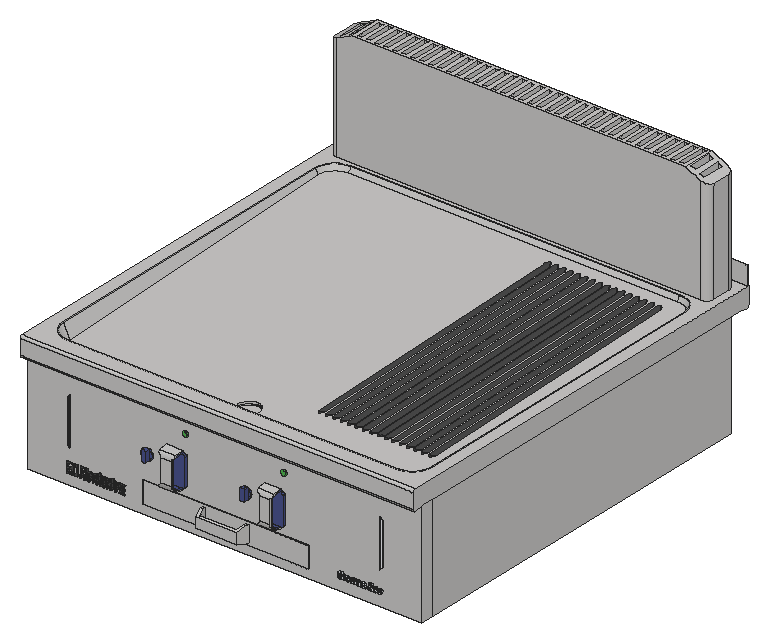
Revit family "QF_ELECTROLUXPROFESSIONAL_593111_MBHOBBHOVO", category Specialty Equipment, Revit 2014 (continued)
Definition of nested family "Front_Panel_W800_Two Knobs_2Spie_Manop"
  Definition of nested family "Range Control Handle"
    Forms (mm)
      Sweep 3, solid, material "QF_Finishes_Stainless Steel"
        path origin (-746.788, 380.715, 207.832) x (0, -1, 0) y (0, 0, 1)
          loop
            arc (400.871, 737.584) -> (399.914, 732.274) -> (397.164, 727.633) r 15.207
            line (397.164, 727.633) -> (380.601, 725.305)
        profile origin (-746.788, -8.132, 1002.099) x (0, -0.139173, 0.990268) y (-1, 0, 0)
          loop
            line (0.782, -763.123) -> (0.782, -730.907) -> (-1.322, -730.907) -> (-1.322, -763.123) -> (0.782, -763.123)
      Extrusion 4, void
        sketch origin (889.253, 220.666, 207.993) x (1, 0, 0) y (0, 0, 1)
          loop
            line (-943.038, 816.854) -> (-943.038, 703.686) -> (-899.466, 734.196) -> (-899.466, 786.344) -> (-943.038, 816.854)
        from 230.636 to 242.25
      Extrusion 5, void
        sketch origin (-888.8, 220.666, 207.993) x (-1, 0, 0) y (0, 0, -1)
          loop
            line (-943.038, -816.854) -> (-899.466, -786.344) -> (-899.466, -734.196) -> (-943.038, -703.686) -> (-943.038, -816.854)
        from 230.636 to 242.25
      Extrusion 6, solid, material "QF_Finishes_Electrolux Cyan"
        sketch origin (0, 0, 0) x (1, 0, 0) y (0, 0, 1)
          loop
            circle (0, 971.092) r 7.736
        from -3.137 to -1.645
    Cuts and joins
      Extrusion 4, Extrusion 5 cuts Sweep 3
      Extrusion 4, Extrusion 5 cuts Sweep 2
      joined: Extrusion 1, Extrusion 6
    Lines and regions (mm)
      symbolic lines
        curve 1: line (16.334, -16.9, 0) -> (16.334, -19.227, 0)
        curve 2: spline (16.334, -19.227, 0) -> (15.87, -19.385, 0) -> (15.404, -19.536, 0) -> (14.936, -19.678, 0) -> (14.466, -19.813, 0) -> (13.995, -19.94, 0) -> (13.523, -20.059, 0) -> (13.049, -20.171, 0) -> (12.575, -20.274, 0) -> (12.099, -20.37, 0) -> (11.622, -20.458, 0) -> (11.144, -20.537, 0) -> (10.666, -20.609, 0)
        curve 3: line (10.666, -16.9, 0) -> (10.666, -20.938, 0)
        curve 4: line (-10.213, -20.938, 0) -> (10.666, -20.938, 0)
        curve 5: line (-10.213, -20.938, 0) -> (-10.213, -16.9, 0)
        curve 6: spline (-10.213, -20.609, 0) -> (-10.691, -20.537, 0) -> (-11.169, -20.458, 0) -> (-11.646, -20.37, 0) -> (-12.122, -20.274, 0) -> (-12.597, -20.171, 0) -> (-13.07, -20.059, 0) -> (-13.542, -19.94, 0) -> (-14.013, -19.813, 0) -> (-14.483, -19.678, 0) -> (-14.951, -19.536, 0) -> (-15.417, -19.385, 0) -> (-15.881, -19.227, 0)
        curve 7: line (-15.881, -19.227, 0) -> (-15.881, -16.9, 0)
  Definition of nested family "ELX_ThermaLine_Small"
    Parameters (values of type "ELX_ThermaLine_Small")
      Show Logo [instance] = yes
      Material_Logo [instance] = QF_Finishes_Black
      Default Elevation = 0 mm
    Reference planes
      plane 1 "Centro (Fronte/Retro)": y = 0
      plane 2: z = 0
      plane 3 "Centro (Sinistra/Destra)": x = 0
    Forms (mm)
      Extrusion 1, solid
        sketch origin (0, 0, 0) x (1, 0, 0) y (0, 1, 0)
          loop
            line (-1219.2, 1219.2) -> (-1219.2, -1219.2) -> (1219.2, -1219.2) -> (1219.2, 1219.2) -> (-1219.2, 1219.2)
        from 0 to -304.8
      Extrusion 2, solid, material "QF_Finishes_White"
        sketch origin (0, 0, 0) x (1, 0, 0) y (0, 1, 0)
          loop
            line (-37.494, 1.229) -> (-35.908, 1.229) -> (-35.908, 3.066) -> (-37.494, 3.066) -> (-37.494, 6.221) -> (-39.867, 4.881) -> (-39.867, 3.066) -> (-40.969, 3.066) -> (-40.969, 1.229) -> (-39.867, 1.229) -> (-39.867, -3.407)
            arc (-39.867, -3.407) -> (-38.982, -5.513) -> (-36.751, -6.001) r 2.478
            line (-36.751, -6.001) -> (-35.638, -5.7) -> (-35.9, -3.835) -> (-36.661, -4.039)
            arc (-36.661, -4.039) -> (-37.236, -3.924) -> (-37.494, -3.399) r 0.662
            line (-37.494, -3.399) -> (-37.494, 1.229)
          loop
            line (-34.242, 6.539) -> (-34.242, -5.848) -> (-31.854, -5.848) -> (-31.854, -0.078)
            arc (-31.854, -0.078) -> (-30.939, 1.249) -> (-29.33, 1.367) r 1.866
            arc (-29.33, 1.367) -> (-28.695, 0.768) -> (-28.461, -0.073) r 1.627
            line (-28.461, -0.073) -> (-28.461, -5.848) -> (-26.086, -5.848) -> (-26.064, -0.46)
            arc (-26.064, -0.46) -> (-26.261, 0.932) -> (-26.786, 2.237) r 5.825
            arc (-26.786, 2.237) -> (-29.381, 3.264) -> (-31.854, 1.971) r 3.353
            line (-31.854, 1.971) -> (-31.854, 6.539) -> (-34.242, 6.539)
          loop
            arc (-18.398, -0.598) -> (-18.893, 0.879) -> (-20.326, 1.487) r 1.897
            arc (-20.326, 1.487) -> (-21.461, 0.708) -> (-21.897, -0.598) r 2.164
            line (-21.897, -0.598) -> (-18.398, -0.598)
          loop
            arc (-16.021, -2.044) -> (-16.754, 1.227) -> (-19.444, 3.226) r 4.814
            arc (-19.444, 3.226) -> (-22.137, 2.788) -> (-23.943, 0.743) r 4.054
            arc (-23.943, 0.743) -> (-24.382, -1.249) -> (-24.162, -3.276) r 6.289
            arc (-24.162, -3.276) -> (-23.302, -4.71) -> (-21.958, -5.705) r 4.28
            arc (-21.958, -5.705) -> (-18.558, -5.814) -> (-16.152, -3.409) r 4.28
            line (-16.152, -3.409) -> (-18.5, -2.995)
            arc (-18.5, -2.995) -> (-19.273, -3.994) -> (-20.533, -4.076) r 1.536
            arc (-20.533, -4.076) -> (-21.56, -3.281) -> (-21.958, -2.044) r 2.197
            line (-21.958, -2.044) -> (-16.021, -2.044)
          loop
            line (-14.165, -5.848) -> (-11.819, -5.848) -> (-11.819, -2.138)
            arc (-11.819, -2.138) -> (-11.787, -1.156) -> (-11.637, -0.185) r 8.18
            arc (-11.637, -0.185) -> (-10.644, 0.972) -> (-9.132, 0.776) r 1.603
            line (-9.132, 0.776) -> (-8.419, 2.846)
            arc (-8.419, 2.846) -> (-10.432, 3.118) -> (-11.994, 1.821) r 2.527
            line (-11.994, 1.821) -> (-11.994, 3.094) -> (-14.165, 3.094) -> (-14.165, -5.848)
          loop
            line (-7.579, 3.094) -> (-7.579, -5.848) -> (-5.178, -5.848) -> (-5.178, -0.756)
            arc (-5.178, -0.756) -> (-4.727, 0.679) -> (-3.417, 1.419) r 2.05
            arc (-3.417, 1.419) -> (-2.499, 0.908) -> (-2.155, -0.085) r 1.471
            line (-2.155, -0.085) -> (-2.155, -5.848) -> (0.23, -5.848) -> (0.23, -1.001)
            arc (0.23, -1.001) -> (0.47, 0.127) -> (1.148, 1.061) r 2.775
            arc (1.148, 1.061) -> (2.225, 1.329) -> (3.05, 0.587) r 1.182
            arc (3.05, 0.587) -> (3.199, -0.019) -> (3.214, -0.642) r 2.894
            line (3.214, -0.642) -> (3.214, -5.848) -> (5.601, -5.848) -> (5.601, 0.261)
            arc (5.601, 0.261) -> (4.87, 2.263) -> (2.976, 3.241) r 2.932
            arc (2.976, 3.241) -> (1.284, 2.973) -> (-0.047, 1.896) r 3.309
            arc (-0.047, 1.896) -> (-1.116, 2.865) -> (-2.506, 3.258) r 3.16
            arc (-2.506, 3.258) -> (-4.105, 2.942) -> (-5.376, 1.92) r 3.419
            line (-5.376, 1.92) -> (-5.376, 3.094) -> (-7.579, 3.094)
          loop
            line (7.583, 0.738) -> (9.702, 0.364)
            arc (9.702, 0.364) -> (11.441, 1.492) -> (12.855, -0.023) r 1.613
            line (12.855, -0.023) -> (9.782, -0.789)
            arc (9.782, -0.789) -> (8.559, -1.346) -> (7.617, -2.305) r 3.687
            arc (7.617, -2.305) -> (7.499, -3.681) -> (7.901, -5.003) r 3.651
            arc (7.901, -5.003) -> (9.107, -5.766) -> (10.515, -6.006) r 3.635
            arc (10.515, -6.006) -> (11.898, -5.697) -> (13.067, -4.895) r 3.734
            line (13.067, -4.895) -> (13.376, -5.848) -> (15.75, -5.848) -> (15.212, -4.193) -> (15.212, 0.38)
            arc (15.212, 0.38) -> (14.897, 1.849) -> (13.818, 2.895) r 2.585
            arc (13.818, 2.895) -> (11.792, 3.442) -> (9.719, 3.11) r 5.005
            arc (9.719, 3.11) -> (8.369, 2.178) -> (7.583, 0.738) r 3.54
          loop
            line (19.723, -5.848) -> (22.233, -5.848) -> (24.854, 6.484) -> (22.345, 6.484) -> (19.723, -5.848)
          loop
            line (24.583, -5.848) -> (26.953, -5.848) -> (28.848, 3.066) -> (26.478, 3.066) -> (24.583, -5.848)
          loop
            line (27.204, 6.484) -> (26.741, 4.305) -> (29.111, 4.305) -> (29.575, 6.484) -> (27.204, 6.484)
          loop
            line (29.355, -5.848) -> (31.849, -5.848) -> (33.098, 0.028)
            arc (33.098, 0.028) -> (34.169, 1.306) -> (35.832, 1.422) r 2.132
            arc (35.832, 1.422) -> (36.324, 0.752) -> (36.383, -0.078) r 1.5
            line (36.383, -0.078) -> (35.157, -5.848) -> (37.536, -5.848) -> (38.936, 0.738)
            arc (38.936, 0.738) -> (38.775, 2.091) -> (37.825, 3.066) r 2.118
            arc (37.825, 3.066) -> (35.392, 3.175) -> (33.295, 1.937) r 4.271
            line (33.295, 1.937) -> (33.535, 3.066) -> (31.25, 3.066) -> (29.355, -5.848)
          loop
            line (42.792, -0.64) -> (46.589, -0.64)
            arc (46.589, -0.64) -> (46.639, 0.124) -> (46.327, 0.823) r 1.589
            arc (46.327, 0.823) -> (45.117, 1.521) -> (43.762, 1.183) r 1.865
            arc (43.762, 1.183) -> (43.141, 0.344) -> (42.792, -0.64) r 3.538
          loop
            line (42.565, -2.138) -> (48.593, -2.138)
            arc (48.593, -2.138) -> (48.58, 0.597) -> (46.983, 2.818) r 4.494
            arc (46.983, 2.818) -> (44.191, 3.28) -> (41.725, 1.891) r 4.26
            arc (41.725, 1.891) -> (40.503, -0.3) -> (40.284, -2.799) r 6.003
            arc (40.284, -2.799) -> (40.959, -4.468) -> (42.377, -5.576) r 3.482
            arc (42.377, -5.576) -> (44.265, -5.961) -> (46.152, -5.576) r 4.823
            arc (46.152, -5.576) -> (47.432, -4.731) -> (48.328, -3.485) r 4.245
            line (48.328, -3.485) -> (46.168, -3.105)
            arc (46.168, -3.105) -> (45.214, -4.072) -> (43.859, -4.181) r 1.953
            arc (43.859, -4.181) -> (42.821, -3.408) -> (42.565, -2.138) r 1.81
          loop
            line (12.868, -1.553) -> (10.216, -2.214)
            arc (10.216, -2.214) -> (9.747, -3.136) -> (10.216, -4.058) r 1.14
            arc (10.216, -4.058) -> (11.537, -4.249) -> (12.614, -3.46) r 1.763
            arc (12.614, -3.46) -> (12.858, -2.522) -> (12.868, -1.553) r 3.97
        from 0 to 1.6
    Dimensions and locks
      aligned and locked: plane 2 to Extrusion 1
      aligned and locked: level to Extrusion 1
  Definition of nested family "ELX_Professional_Logo_Small"
    Parameters (values of type "ELX_Professional_Logo_Small")
      Show Logo [instance] = yes
      Material_Logo [instance] = QF_Finishes_Black
      Default Elevation = 0 mm
    Reference planes
      plane 1 "Centro (Fronte/Retro)": y = 0
      plane 2: z = 0
      plane 3 "Centro (Sinistra/Destra)": x = 0
    Forms (mm)
      Extrusion 1, solid
        sketch origin (0, 0, 0) x (1, 0, 0) y (0, 1, 0)
          loop
            line (-1219.2, 1219.2) -> (-1219.2, -1219.2) -> (1219.2, -1219.2) -> (1219.2, 1219.2) -> (-1219.2, 1219.2)
        from 0 to -304.8
      Extrusion 2, solid, material "QF_Finishes_Black" <- "Material_Logo"
        sketch origin (15.5, 0, 0) x (1, 0, 0) y (0, 1, 0)
          loop
            spline (-42.99, -1.24) -> (-43.195, -1.231) -> (-43.415, -1.203) -> (-43.642, -1.152) -> (-43.87, -1.074) -> (-44.095, -0.966) -> (-44.309, -0.825) -> (-44.506, -0.647) -> (-44.681, -0.429) -> (-44.828, -0.167) -> (-44.94, 0.142) -> (-45.011, 0.501) -> (-45.037, 0.915)
            line (-45.037, 0.915) -> (-45.037, 2.748) -> (-38.984, 2.748) -> (-38.984, 5.086) -> (-45.038, 5.086) -> (-45.038, 8.489) -> (-38.599, 8.489) -> (-38.599, 10.82) -> (-47.515, 10.82) -> (-47.515, 1.021)
            spline (-47.515, 1.021) -> (-47.493, 0.418) -> (-47.425, -0.15) -> (-47.311, -0.682) -> (-47.15, -1.175) -> (-46.939, -1.628) -> (-46.678, -2.038) -> (-46.365, -2.404) -> (-46, -2.723) -> (-45.58, -2.995) -> (-45.105, -3.216) -> (-44.573, -3.385) -> (-43.983, -3.499)
            line (-43.983, -3.499) -> (-43.01, -3.569) -> (-38.426, -3.569) -> (-38.426, -1.24) -> (-42.99, -1.24)
          loop
            line (-36.666, 4.021) -> (-36.666, -3.573) -> (-34.188, -3.573) -> (-34.188, 10.824) -> (-36.666, 10.824) -> (-36.666, 4.021)
          loop
            spline (-21.915, 1.897) -> (-21.957, 2.615) -> (-22.082, 3.303) -> (-22.285, 3.955) -> (-22.563, 4.564) -> (-22.913, 5.124) -> (-23.331, 5.629) -> (-23.814, 6.074) -> (-24.359, 6.451) -> (-24.961, 6.755) -> (-25.618, 6.98) -> (-26.326, 7.119) -> (-27.081, 7.167)
            spline (-27.081, 7.167) -> (-27.853, 7.122) -> (-28.586, 6.99) -> (-29.275, 6.774) -> (-29.915, 6.478) -> (-30.5, 6.104) -> (-31.024, 5.657) -> (-31.483, 5.138) -> (-31.871, 4.553) -> (-32.182, 3.904) -> (-32.411, 3.194) -> (-32.552, 2.427) -> (-32.6, 1.606)
            spline (-32.6, 1.606) -> (-32.553, 0.805) -> (-32.416, 0.057) -> (-32.193, -0.637) -> (-31.887, -1.271) -> (-31.504, -1.843) -> (-31.048, -2.35) -> (-30.523, -2.788) -> (-29.934, -3.154) -> (-29.284, -3.444) -> (-28.579, -3.656) -> (-27.822, -3.785) -> (-27.019, -3.829)
            spline (-27.019, -3.829) -> (-26.627, -3.82) -> (-26.239, -3.79) -> (-25.856, -3.739) -> (-25.477, -3.663) -> (-25.103, -3.562) -> (-24.734, -3.432) -> (-24.369, -3.273) -> (-24.01, -3.082) -> (-23.655, -2.858) -> (-23.305, -2.597) -> (-22.96, -2.299) -> (-22.621, -1.962)
            line (-22.621, -1.962) -> (-24.114, -0.509)
            spline (-24.114, -0.509) -> (-24.311, -0.699) -> (-24.509, -0.872) -> (-24.71, -1.03) -> (-24.915, -1.172) -> (-25.126, -1.297) -> (-25.346, -1.407) -> (-25.576, -1.5) -> (-25.817, -1.576) -> (-26.072, -1.636) -> (-26.342, -1.678) -> (-26.629, -1.704) -> (-26.936, -1.713)
            spline (-26.936, -1.713) -> (-27.384, -1.691) -> (-27.805, -1.625) -> (-28.196, -1.518) -> (-28.556, -1.372) -> (-28.882, -1.187) -> (-29.174, -0.966) -> (-29.429, -0.71) -> (-29.645, -0.422) -> (-29.821, -0.102) -> (-29.955, 0.247) -> (-30.045, 0.623) -> (-30.089, 1.026)
            line (-30.089, 1.026) -> (-21.956, 1.026) -> (-21.915, 1.897)
          loop
            spline (-24.446, 2.769) -> (-24.47, 3.075) -> (-24.54, 3.37) -> (-24.654, 3.65) -> (-24.807, 3.913) -> (-24.996, 4.156) -> (-25.219, 4.376) -> (-25.472, 4.57) -> (-25.753, 4.736) -> (-26.057, 4.869) -> (-26.382, 4.968) -> (-26.724, 5.03) -> (-27.081, 5.051)
            spline (-27.081, 5.051) -> (-27.464, 5.03) -> (-27.832, 4.97) -> (-28.183, 4.872) -> (-28.513, 4.74) -> (-28.819, 4.577) -> (-29.099, 4.384) -> (-29.347, 4.165) -> (-29.563, 3.923) -> (-29.742, 3.659) -> (-29.881, 3.377) -> (-29.977, 3.079) -> (-30.027, 2.769)
            line (-30.027, 2.769) -> (-24.446, 2.769)
          loop
            spline (-18.167, 1.669) -> (-18.138, 2.13) -> (-18.055, 2.567) -> (-17.921, 2.978) -> (-17.739, 3.358) -> (-17.512, 3.705) -> (-17.243, 4.016) -> (-16.937, 4.287) -> (-16.596, 4.517) -> (-16.223, 4.7) -> (-15.823, 4.835) -> (-15.398, 4.919) -> (-14.951, 4.947)
            spline (-14.951, 4.947) -> (-14.677, 4.938) -> (-14.414, 4.913) -> (-14.162, 4.871) -> (-13.921, 4.812) -> (-13.69, 4.738) -> (-13.467, 4.649) -> (-13.254, 4.544) -> (-13.048, 4.424) -> (-12.85, 4.291) -> (-12.659, 4.143) -> (-12.474, 3.981) -> (-12.295, 3.806)
            line (-12.295, 3.806) -> (-10.76, 5.403)
            spline (-10.76, 5.403) -> (-11.065, 5.709) -> (-11.38, 5.984) -> (-11.703, 6.228) -> (-12.035, 6.443) -> (-12.375, 6.63) -> (-12.723, 6.788) -> (-13.078, 6.92) -> (-13.44, 7.026) -> (-13.809, 7.107) -> (-14.184, 7.164) -> (-14.564, 7.198) -> (-14.951, 7.209)
            spline (-14.951, 7.209) -> (-15.725, 7.161) -> (-16.467, 7.02) -> (-17.169, 6.792) -> (-17.826, 6.482) -> (-18.43, 6.096) -> (-18.976, 5.637) -> (-19.455, 5.112) -> (-19.862, 4.525) -> (-20.19, 3.882) -> (-20.433, 3.189) -> (-20.584, 2.449) -> (-20.635, 1.669)
            spline (-20.635, 1.669) -> (-20.584, 0.889) -> (-20.433, 0.149) -> (-20.19, -0.545) -> (-19.862, -1.187) -> (-19.455, -1.774) -> (-18.976, -2.299) -> (-18.43, -2.758) -> (-17.826, -3.145) -> (-17.169, -3.454) -> (-16.467, -3.682) -> (-15.725, -3.823) -> (-14.951, -3.871)
            spline (-14.951, -3.871) -> (-14.564, -3.86) -> (-14.184, -3.826) -> (-13.809, -3.77) -> (-13.44, -3.689) -> (-13.078, -3.583) -> (-12.723, -3.451) -> (-12.375, -3.292) -> (-12.035, -3.105) -> (-11.703, -2.89) -> (-11.38, -2.646) -> (-11.065, -2.371) -> (-10.76, -2.066)
            line (-10.76, -2.066) -> (-12.295, -0.468)
            spline (-12.295, -0.468) -> (-12.474, -0.643) -> (-12.659, -0.805) -> (-12.85, -0.953) -> (-13.048, -1.087) -> (-13.254, -1.206) -> (-13.467, -1.311) -> (-13.69, -1.4) -> (-13.921, -1.475) -> (-14.162, -1.533) -> (-14.414, -1.575) -> (-14.677, -1.6) -> (-14.951, -1.609)
            spline (-14.951, -1.609) -> (-15.398, -1.581) -> (-15.823, -1.497) -> (-16.223, -1.362) -> (-16.596, -1.179) -> (-16.937, -0.95) -> (-17.243, -0.678) -> (-17.512, -0.367) -> (-17.739, -0.02) -> (-17.921, 0.36) -> (-18.055, 0.771) -> (-18.138, 1.208) -> (-18.167, 1.669)
          loop
            spline (-4.441, -1.243) -> (-4.659, -1.247) -> (-4.894, -1.23) -> (-5.137, -1.19) -> (-5.384, -1.121) -> (-5.628, -1.021) -> (-5.864, -0.884) -> (-6.084, -0.708) -> (-6.283, -0.488) -> (-6.454, -0.219) -> (-6.592, 0.101) -> (-6.69, 0.478) -> (-6.742, 0.914)
            line (-6.742, 0.914) -> (-6.742, 4.587) -> (-4.487, 4.587) -> (-4.487, 6.838) -> (-6.738, 6.838) -> (-6.738, 10.824) -> (-9.217, 10.824) -> (-9.217, 0.773)
            spline (-9.217, 0.773) -> (-9.164, 0.19) -> (-9.068, -0.358) -> (-8.928, -0.87) -> (-8.742, -1.343) -> (-8.511, -1.777) -> (-8.232, -2.168) -> (-7.904, -2.515) -> (-7.527, -2.816) -> (-7.098, -3.069) -> (-6.618, -3.273) -> (-6.084, -3.426) -> (-5.496, -3.525)
            line (-5.496, -3.525) -> (-4.45, -3.573) -> (-4.441, -1.243)
          loop
            spline (3.898, 6.983) -> (3.469, 7.009) -> (3.056, 7.001) -> (2.661, 6.961) -> (2.283, 6.888) -> (1.925, 6.785) -> (1.588, 6.652) -> (1.272, 6.49) -> (0.979, 6.301) -> (0.71, 6.085) -> (0.465, 5.844) -> (0.247, 5.578) -> (0.056, 5.289)
            line (0.056, 5.289) -> (0.056, 6.838) -> (-2.402, 6.838) -> (-2.402, -3.572) -> (0.056, -3.572) -> (0.056, 1.901)
            spline (0.056, 1.901) -> (0.079, 2.316) -> (0.145, 2.703) -> (0.254, 3.06) -> (0.404, 3.386) -> (0.592, 3.679) -> (0.818, 3.938) -> (1.08, 4.162) -> (1.375, 4.348) -> (1.703, 4.495) -> (2.062, 4.602) -> (2.45, 4.668) -> (2.865, 4.69)
            line (2.865, 4.69) -> (3.898, 4.586) -> (3.898, 6.983)
          loop
            spline (15.638, 1.633) -> (15.586, 2.396) -> (15.435, 3.124) -> (15.192, 3.81) -> (14.863, 4.449) -> (14.455, 5.034) -> (13.975, 5.56) -> (13.43, 6.021) -> (12.826, 6.411) -> (12.17, 6.724) -> (11.469, 6.955) -> (10.729, 7.098) -> (9.958, 7.147)
            spline (9.958, 7.147) -> (9.182, 7.098) -> (8.44, 6.955) -> (7.737, 6.724) -> (7.081, 6.411) -> (6.477, 6.021) -> (5.933, 5.56) -> (5.454, 5.034) -> (5.048, 4.449) -> (4.721, 3.81) -> (4.479, 3.124) -> (4.329, 2.396) -> (4.277, 1.633)
            spline (4.277, 1.633) -> (4.329, 0.869) -> (4.479, 0.141) -> (4.721, -0.544) -> (5.048, -1.183) -> (5.454, -1.768) -> (5.933, -2.294) -> (6.477, -2.755) -> (7.081, -3.145) -> (7.737, -3.459) -> (8.44, -3.69) -> (9.182, -3.833) -> (9.958, -3.882)
            spline (9.958, -3.882) -> (10.729, -3.833) -> (11.469, -3.69) -> (12.17, -3.459) -> (12.826, -3.145) -> (13.43, -2.755) -> (13.975, -2.294) -> (14.455, -1.768) -> (14.863, -1.183) -> (15.192, -0.544) -> (15.435, 0.141) -> (15.586, 0.869) -> (15.638, 1.633)
          loop
            spline (13.18, 1.633) -> (13.151, 2.083) -> (13.067, 2.513) -> (12.932, 2.918) -> (12.748, 3.296) -> (12.52, 3.642) -> (12.251, 3.954) -> (11.943, 4.227) -> (11.601, 4.459) -> (11.228, 4.645) -> (10.828, 4.782) -> (10.403, 4.867) -> (9.958, 4.896)
            spline (9.958, 4.896) -> (9.509, 4.867) -> (9.081, 4.782) -> (8.679, 4.645) -> (8.306, 4.459) -> (7.964, 4.227) -> (7.658, 3.954) -> (7.39, 3.642) -> (7.163, 3.296) -> (6.981, 2.918) -> (6.847, 2.513) -> (6.765, 2.083) -> (6.736, 1.633)
            spline (6.736, 1.633) -> (6.765, 1.182) -> (6.847, 0.753) -> (6.981, 0.347) -> (7.163, -0.031) -> (7.39, -0.377) -> (7.658, -0.689) -> (7.964, -0.962) -> (8.306, -1.193) -> (8.679, -1.38) -> (9.081, -1.517) -> (9.509, -1.602) -> (9.958, -1.631)
            spline (9.958, -1.631) -> (10.403, -1.602) -> (10.828, -1.517) -> (11.228, -1.38) -> (11.601, -1.193) -> (11.943, -0.962) -> (12.251, -0.689) -> (12.52, -0.377) -> (12.748, -0.031) -> (12.932, 0.347) -> (13.067, 0.753) -> (13.151, 1.182) -> (13.18, 1.633)
          loop
            line (17.162, 4.269) -> (17.162, -3.573) -> (19.642, -3.573) -> (19.642, 10.824) -> (17.162, 10.824) -> (17.162, 4.269)
          loop
            line (28.581, 6.838) -> (28.581, 0.786)
            spline (28.581, 0.786) -> (28.561, 0.393) -> (28.503, 0.038) -> (28.409, -0.279) -> (28.281, -0.559) -> (28.122, -0.802) -> (27.933, -1.011) -> (27.717, -1.185) -> (27.476, -1.325) -> (27.213, -1.433) -> (26.929, -1.509) -> (26.626, -1.554) -> (26.308, -1.569)
            spline (26.308, -1.569) -> (25.99, -1.554) -> (25.688, -1.509) -> (25.404, -1.434) -> (25.141, -1.326) -> (24.9, -1.187) -> (24.684, -1.014) -> (24.496, -0.807) -> (24.336, -0.565) -> (24.209, -0.288) -> (24.115, 0.026) -> (24.057, 0.376) -> (24.037, 0.765)
            line (24.037, 0.765) -> (24.037, 6.838) -> (21.537, 6.838) -> (21.537, 0.558)
            spline (21.537, 0.558) -> (21.581, -0.153) -> (21.71, -0.8) -> (21.916, -1.384) -> (22.195, -1.904) -> (22.54, -2.362) -> (22.944, -2.757) -> (23.403, -3.09) -> (23.909, -3.362) -> (24.456, -3.572) -> (25.04, -3.722) -> (25.652, -3.811) -> (26.288, -3.841)
            spline (26.288, -3.841) -> (26.929, -3.811) -> (27.547, -3.72) -> (28.135, -3.568) -> (28.687, -3.355) -> (29.197, -3.079) -> (29.66, -2.741) -> (30.068, -2.341) -> (30.415, -1.877) -> (30.696, -1.349) -> (30.905, -0.757) -> (31.034, -0.101) -> (31.079, 0.621)
            line (31.079, 0.621) -> (31.079, 6.838) -> (28.581, 6.838)
          loop
            line (40.457, -0.243) -> (38.894, 1.942) -> (40.83, 4.579) -> (42.488, 6.837) -> (39.782, 6.837) -> (37.53, 3.719) -> (35.258, 6.837) -> (32.573, 6.837) -> (34.113, 4.731) -> (36.167, 1.922) -> (34.014, -1.076) -> (32.222, -3.573) -> (34.887, -3.573) -> (37.53, 0.104) -> (40.174, -3.573) -> (42.839, -3.573) -> (40.457, -0.243)
          loop
            line (-46.121, -5.837) -> (-48.039, -5.837) -> (-48.039, -10.814) -> (-47.016, -10.814) -> (-47.016, -9.128) -> (-46.121, -9.128)
            arc (-46.121, -9.128) -> (-44.476, -7.482) -> (-46.121, -5.837) r 1.645
          loop
            line (-46.163, -6.778) -> (-47.016, -6.778) -> (-47.016, -8.187) -> (-46.163, -8.187)
            arc (-46.163, -8.187) -> (-45.458, -7.482) -> (-46.163, -6.778) r 0.704
          loop
            line (-38.313, -5.837) -> (-40.265, -5.837) -> (-40.265, -10.814) -> (-39.241, -10.814) -> (-39.241, -9.1) -> (-38.46, -9.182) -> (-37.48, -10.814) -> (-36.318, -10.814) -> (-37.513, -8.848)
            arc (-37.513, -8.848) -> (-36.888, -8.266) -> (-36.671, -7.441) r 1.536
            arc (-36.671, -7.441) -> (-37.165, -6.305) -> (-38.313, -5.837) r 1.643
          loop
            arc (-38.402, -8.166) -> (-37.707, -7.505) -> (-38.334, -6.778) r 0.696
            line (-38.334, -6.778) -> (-39.241, -6.778) -> (-39.241, -8.166) -> (-38.402, -8.166)
          loop
            circle (-29.965, -8.325) r 2.585
          loop
            circle (-29.965, -8.325) r 1.64
          loop
            line (-23.1, -5.837) -> (-23.1, -10.814) -> (-22.076, -10.814) -> (-22.076, -8.768) -> (-20.204, -8.768) -> (-20.204, -7.828) -> (-22.076, -7.828) -> (-22.076, -6.778) -> (-20.024, -6.778) -> (-20.024, -5.837) -> (-23.1, -5.837)
          loop
            line (-15.802, -5.837) -> (-15.802, -9.2)
            arc (-15.802, -9.2) -> (-15.343, -10.34) -> (-14.209, -10.814) r 1.593
            line (-14.209, -10.814) -> (-12.602, -10.814) -> (-12.602, -10.027) -> (-14.004, -10.027)
            arc (-14.004, -10.027) -> (-14.552, -9.8) -> (-14.779, -9.252) r 0.775
            line (-14.779, -9.252) -> (-14.779, -8.424) -> (-12.789, -8.424) -> (-12.789, -7.642) -> (-14.779, -7.642) -> (-14.779, -6.778) -> (-12.651, -6.778) -> (-12.651, -5.837) -> (-15.802, -5.837)
          loop
            line (-5.909, -7.143) -> (-5.173, -6.638)
            arc (-5.173, -6.638) -> (-5.855, -5.974) -> (-6.781, -5.755) r 1.782
            arc (-6.781, -5.755) -> (-7.397, -5.878) -> (-7.944, -6.189) r 1.974
            arc (-7.944, -6.189) -> (-8.202, -6.5) -> (-8.317, -6.888) r 1.013
            arc (-8.317, -6.888) -> (-8.306, -7.341) -> (-8.192, -7.78) r 1.985
            arc (-8.192, -7.78) -> (-7.749, -8.259) -> (-7.171, -8.563) r 1.928
            arc (-7.171, -8.563) -> (-6.637, -8.779) -> (-6.131, -9.056) r 5.041
            arc (-6.131, -9.056) -> (-5.934, -9.387) -> (-6.09, -9.74) r 0.42
            arc (-6.09, -9.74) -> (-6.631, -9.96) -> (-7.204, -9.845) r 1.016
            arc (-7.204, -9.845) -> (-7.625, -9.603) -> (-7.889, -9.196) r 1.033
            line (-7.889, -9.196) -> (-8.67, -9.686)
            arc (-8.67, -9.686) -> (-8.361, -10.198) -> (-7.908, -10.589) r 1.914
            arc (-7.908, -10.589) -> (-7.334, -10.834) -> (-6.714, -10.896) r 2.063
            arc (-6.714, -10.896) -> (-5.947, -10.743) -> (-5.256, -10.376) r 2.696
            arc (-5.256, -10.376) -> (-4.95, -9.565) -> (-5.108, -8.712) r 1.618
            arc (-5.108, -8.712) -> (-5.448, -8.319) -> (-5.884, -8.035) r 1.876
            arc (-5.884, -8.035) -> (-6.434, -7.789) -> (-6.999, -7.577) r 9.883
            arc (-6.999, -7.577) -> (-7.325, -7.07) -> (-6.854, -6.694) r 0.45
            arc (-6.854, -6.694) -> (-6.329, -6.809) -> (-5.909, -7.143) r 1.197
          loop
            line (1.61, -7.143) -> (2.345, -6.638)
            arc (2.345, -6.638) -> (1.663, -5.974) -> (0.737, -5.755) r 1.782
            arc (0.737, -5.755) -> (0.121, -5.878) -> (-0.425, -6.189) r 1.974
            arc (-0.425, -6.189) -> (-0.683, -6.5) -> (-0.799, -6.888) r 1.013
            arc (-0.799, -6.888) -> (-0.788, -7.341) -> (-0.674, -7.78) r 1.985
            arc (-0.674, -7.78) -> (-0.231, -8.259) -> (0.347, -8.563) r 1.928
            arc (0.347, -8.563) -> (0.881, -8.779) -> (1.387, -9.056) r 5.041
            arc (1.387, -9.056) -> (1.584, -9.387) -> (1.428, -9.74) r 0.42
            arc (1.428, -9.74) -> (0.887, -9.96) -> (0.314, -9.845) r 1.016
            arc (0.314, -9.845) -> (-0.107, -9.603) -> (-0.371, -9.196) r 1.033
            line (-0.371, -9.196) -> (-1.152, -9.686)
            arc (-1.152, -9.686) -> (-0.842, -10.198) -> (-0.39, -10.589) r 1.914
            arc (-0.39, -10.589) -> (0.184, -10.834) -> (0.804, -10.896) r 2.063
            arc (0.804, -10.896) -> (1.572, -10.743) -> (2.263, -10.376) r 2.696
            arc (2.263, -10.376) -> (2.568, -9.565) -> (2.411, -8.712) r 1.618
            arc (2.411, -8.712) -> (2.07, -8.319) -> (1.635, -8.035) r 1.876
            arc (1.635, -8.035) -> (1.084, -7.789) -> (0.519, -7.577) r 9.883
            arc (0.519, -7.577) -> (0.193, -7.07) -> (0.665, -6.694) r 0.45
            arc (0.665, -6.694) -> (1.189, -6.809) -> (1.61, -7.143) r 1.197
          loop
            line (6.801, -5.837) -> (6.801, -10.814) -> (7.825, -10.814) -> (7.825, -5.837) -> (6.801, -5.837)
          loop
            circle (14.724, -8.325) r 1.548
          loop
            circle (14.724, -8.325) r 2.585
          loop
            line (21.59, -10.814) -> (22.623, -10.814) -> (22.623, -7.685) -> (24.9, -10.814) -> (25.895, -10.814) -> (25.895, -5.837) -> (24.861, -5.837) -> (24.861, -9.061) -> (22.585, -5.837) -> (21.59, -5.837) -> (21.59, -10.814)
          loop
            line (31.054, -10.814) -> (31.539, -9.74) -> (33.38, -9.74) -> (33.865, -10.814) -> (34.965, -10.814) -> (32.46, -5.837) -> (29.956, -10.814) -> (31.054, -10.814)
          loop
            line (32.46, -7.698) -> (31.999, -8.719) -> (32.921, -8.719) -> (32.46, -7.698)
          loop
            line (40.047, -9.873) -> (40.047, -5.837) -> (39.024, -5.837) -> (39.024, -10.814) -> (41.961, -10.814) -> (41.961, -9.873) -> (40.047, -9.873)
          loop
            line (-74.986, -10.814) -> (-53.322, -10.814) -> (-53.322, 10.82) -> (-74.986, 10.82) -> (-74.986, -10.814)
          loop
            line (-61.261, 9.758) -> (-61.261, -9.707)
            arc (-61.261, -9.707) -> (-54.066, 0.025) -> (-61.261, 9.758) r 10.18
          loop
            line (-62.251, 8.349) -> (-62.251, 9.758)
            arc (-62.251, 9.758) -> (-70.347, 7.918) -> (-74.247, 0.59) r 9.976
            line (-74.247, 0.59) -> (-71.026, 0.59)
            arc (-71.026, 0.59) -> (-65.274, 2.925) -> (-62.251, 8.349) r 9.351
          loop
            arc (-74.247, -0.539) -> (-70.353, -7.928) -> (-62.251, -9.957) r 10.237
            line (-62.251, -9.957) -> (-62.251, -8.298)
            arc (-62.251, -8.298) -> (-65.274, -2.874) -> (-71.026, -0.539) r 9.351
            line (-71.026, -0.539) -> (-74.247, -0.539)
        from 0 to 1.644
    Dimensions and locks
      aligned and locked: plane 2 to Extrusion 1
      aligned and locked: level to Extrusion 1
Definition of nested family "Rib_D12"
  Parameters (values of type "Rib_D12")
    Show Clearance [instance] = yes
    Model = ""
    Lenght [instance] = 588 mm
    Default Elevation = 0 mm
  Reference planes
    plane 1 "Center (Front/Back)": y = -11.07
    plane 2: z = 0
    plane 3 "Center (Left/Right)": x = 0
    plane 4 "Back": y = 282.93
    plane 5 "Front": y = -305.07
  Forms (mm)
    Extrusion 1, solid
      sketch origin (0, -919.2, 0) x (1, 0, 0) y (0, 1, 0)
        loop
          line (-198.75, 1399.2) -> (-198.75, 386.445) -> (165.741, 386.445) -> (165.741, 1399.2) -> (-198.75, 1399.2)
      from 0 to -59.546
    Extrusion 2, solid, material "QF_Finishes_Black"
      sketch origin (0, -11.07, -267.484) x (1, 0, 0) y (0, 0, 1)
        loop
          line (-6, 267.484) -> (6, 267.484)
          arc (6, 267.484) -> (0, 269.184) -> (-6, 267.484) r 11.438
      from -294 to 294
    Extrusion 3, void
      sketch origin (0, 0, 0) x (1, 0, 0) y (0, 1, 0)
        loop
          line (-6, 274.93) -> (-2.484, 281.02)
          arc (-2.484, 281.02) -> (0, 282.454) -> (2.484, 281.02) r 2.868
          line (2.484, 281.02) -> (6, 274.93) -> (6, 282.93) -> (-6, 282.93) -> (-6, 274.93)
        loop
          line (-6, -297.07) -> (-6, -305.07) -> (6, -305.07) -> (6, -297.07) -> (2.484, -303.16)
          arc (2.484, -303.16) -> (0, -304.594) -> (-2.484, -303.16) r 2.868
          line (-2.484, -303.16) -> (-6, -297.07)
      from 0 to 2
  Cuts and joins
    Extrusion 3 cuts Extrusion 2
  Lines and regions (mm)
    symbolic lines
      curve 1: line (64.247, -11.07, 0) -> (64.247, -11.07, 4)
      curve 2: line (64.247, -11.07, 4) -> (-64.765, -11.07, 4)
      curve 3: line (-64.765, -11.07, 4) -> (-64.765, -11.07, 0)
      curve 4: line (-40, -11.07, 8) -> (-40, -11.07, 4)
      curve 5: line (40, -11.07, 8) -> (40, -11.07, 4)
      curve 6: line (40, -11.07, 8) -> (-40, -11.07, 8)
      curve 7: line (6, -297.07, 0) -> (6, 274.93, 0)
      curve 8: line (-6, 274.93, 0) -> (-6, -297.07, 0)
      curve 9: line (-6, 274.93, 0) -> (-2.484, 281.02, 0)
      curve 10: line (2.484, 281.02, 0) -> (6, 274.93, 0)
      curve 11: arc (-2.484, 281.02, 0) -> (0, 282.454, 0) -> (2.484, 281.02, 0) r 2.868
      curve 12: line (-2.484, -303.16, 0) -> (-6, -297.07, 0)
      curve 13: arc (2.484, -303.16, 0) -> (0, -304.594, 0) -> (-2.484, -303.16, 0) r 2.868
      curve 14: line (6, -297.07, 0) -> (2.484, -303.16, 0)
  Dimensions and locks
    "Lenght": plane 4 "Back" to plane 5 "Front"
    equal spacing: plane 4 "Back", plane 1 "Center (Front/Back)", plane 5 "Front"
    aligned and locked: plane 2 to Extrusion 1
    aligned and locked: level to Extrusion 1
    aligned and locked: plane 4 "Back" to Extrusion 2
    aligned and locked: Extrusion 2 to plane 5 "Front"
  Automatic sketch dimensions
    curve 3 to level = 0 mm
    curve 1 to level = 0 mm
    level to curve 3 = 4 mm
    curve 3 to plane 3 "Center (Left/Right)" = 64.765 mm
    level to curve 6 = 8 mm
    curve 2 to curve 6 = 24.765 mm
    plane 3 "Center (Left/Right)" to curve 5 = 40 mm
    curve 5 to curve 1 = 24.247 mm
    Extrusion 1 sketch curve to Extrusion 1 sketch curve = 364.491 mm
    Extrusion 1 sketch curve to Extrusion 1 sketch curve = 1012.755 mm
    Extrusion 3 sketch curve to plane 3 "Center (Left/Right)" = 0 mm  (x2)
    Extrusion 3 sketch curve to plane 3 "Center (Left/Right)" = 2.484 mm  (x2)
    Extrusion 3 sketch curve to plane 3 "Center (Left/Right)" = 6 mm
    Extrusion 3 sketch curve to Extrusion 3 sketch curve = 3.516 mm  (x2)
    plane 3 "Center (Left/Right)" to Extrusion 3 sketch curve = 2.484 mm  (x2)
    plane 3 "Center (Left/Right)" to Extrusion 3 sketch curve = 6 mm
    plane 5 "Front" to Extrusion 3 sketch curve = 0 mm
    Extrusion 3 sketch curve to Extrusion 3 sketch curve = 1.91 mm  (x2)
    Extrusion 3 sketch curve to Extrusion 3 sketch curve = 1.434 mm  (x2)
    Extrusion 3 sketch curve to Extrusion 3 sketch curve = 6.09 mm  (x2)
    Extrusion 3 sketch curve to plane 4 "Back" = 8 mm
    Extrusion 3 sketch curve to Extrusion 3 sketch curve = 0 mm
    Extrusion 3 sketch curve to Extrusion 3 sketch curve = 4.656 mm
    curve 9 to plane 3 "Center (Left/Right)" = 6 mm
    curve 8 to plane 4 "Back" = 8 mm
    curve 9 to plane 3 "Center (Left/Right)" = 2.484 mm
    plane 3 "Center (Left/Right)" to curve 7 = 6 mm
    plane 5 "Front" to curve 8 = 8 mm
    plane 5 "Front" to curve 7 = 8 mm
    curve 7 to plane 4 "Back" = 8 mm
    curve 9 to plane 4 "Back" = 1.91 mm
    plane 3 "Center (Left/Right)" to curve 10 = 2.484 mm
    curve 10 to plane 4 "Back" = 1.91 mm
    curve 11 to curve 9 = 1.434 mm
    curve 12 to plane 3 "Center (Left/Right)" = 2.484 mm
    plane 5 "Front" to curve 12 = 1.91 mm
    curve 13 to plane 3 "Center (Left/Right)" = 0 mm
    curve 13 to curve 13 = 1.434 mm
    plane 5 "Front" to curve 13 = 1.91 mm
    Extrusion 2 sketch curve to plane 3 "Center (Left/Right)" = 0 mm
    Extrusion 2 sketch curve to plane 3 "Center (Left/Right)" = 6 mm
    Extrusion 2 sketch curve to level = 9.738 mm
    Extrusion 2 sketch curve to Extrusion 2 sketch curve = 9.738 mm
